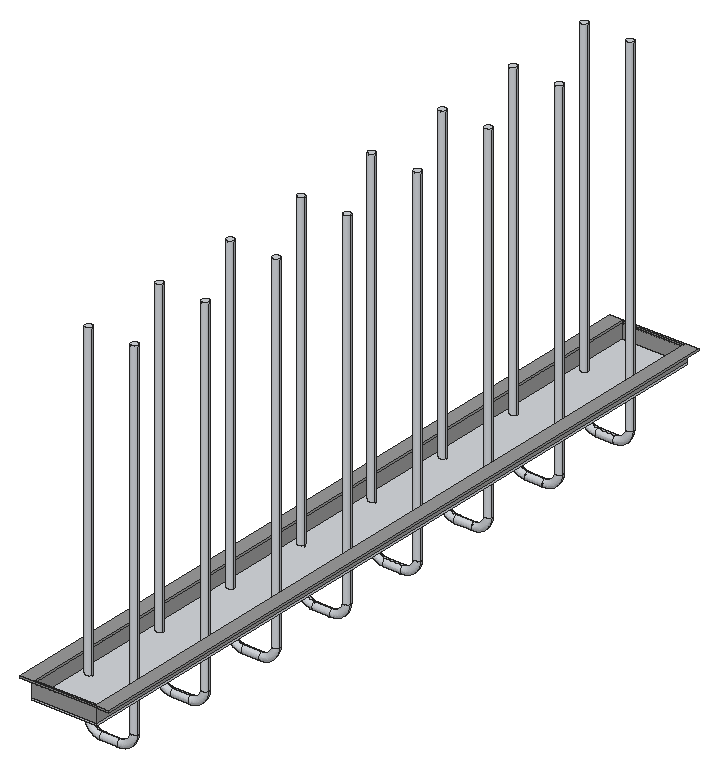
Revit family "Comax", category Structural Stiffeners, host Face, Revit 2018
Family settings
  Host = Face
  Cut with Voids When Loaded = Yes
  Shared = No
Parameters
  Ø = 12 mm
  Épaisseur_Acier = 3 mm  # constant formula
  w_aux = if(w < p, p + 30 mm, if(w = p, p + 30 mm, w))  # 150 mm
  w = 150 mm
  s_aux = (L - (e * #))  # 650 mm
  p = 110 mm
  lb_aux = lb + Hauteur_Acier  # 530 mm
  lb = 500 mm
  e = 150 mm
  b_aux = b - Hauteur_Acier - Ø / 2  # 84 mm
  b = 120 mm
  a = p - 20 mm  # 90 mm
  URL = "www.rduarte.com"
  L = 1250 mm
  Hauteur_Acier = 30 mm  # constant formula
  Default Elevation = 0 mm
  a_aux = a - Ø  # 78 mm
  #_acier_up = roundup(L / e)  # 9
  #_acier_Down = rounddown(L / e)  # 8
  # = if((#_acier_up) * e > L, (#_acier_Down), (#_acier_up)) / 2  # 4
Reference planes
  plane 1 "Center (Front/Back)": y = 0
  plane 2: z = 0
  plane 3 "Center (Left/Right)": x = 0
  plane 4 "Hauteur": z = -30
  plane 5 "b": z = -120
  plane 6 "lb": z = 500
  plane 7: y = -75
  plane 8: y = 75
  plane 9: y = -225
  plane 10: y = 225
Forms (mm)
  Extrusion 1, solid, material "Inox"
    sketch origin (0, 0, 0) x (1, 0, 0) y (0, 1, 0)
      loop
        line (-55, 625) -> (-55, -625) -> (55, -625) -> (55, 625) -> (-55, 625)
      loop
        line (-52, 622) -> (-52, -622) -> (52, -622) -> (52, 622) -> (-52, 622)
    from -3 to -27
  Extrusion 2, solid
    sketch origin (0, 0, 0) x (1, 0, 0) y (0, 1, 0)
      loop
        line (-55, 625) -> (-55, -625) -> (55, -625) -> (55, 625) -> (-55, 625)
    from -27 to -30
  Extrusion 3, solid, material "Inox"
    sketch origin (0, 0, -30) x (-1, 0, 0) y (0, -1, 0)
      loop
        line (75, -625) -> (75, 625) -> (-75, 625) -> (-75, -625) -> (75, -625)
      loop
        line (52, -622) -> (52, 622) -> (-52, 622) -> (-52, -622) -> (52, -622)
    from 27 to 30
  Extrusion 4, void
    sketch origin (0, 0, -30) x (-1, 0, 0) y (0, -1, 0)
      loop
        line (52, -622) -> (52, 622) -> (-52, 622) -> (-52, -622) -> (52, -622)
    from 3 to 30
Cuts and joins
  Extrusion 4 cuts Extrusion 1
  Extrusion 4 cuts Extrusion 2
  Extrusion 4 cuts Extrusion 3
Dimensions and locks
  "p": Extrusion 1 sketch curve to Extrusion 1 sketch curve
  equal spacing: Extrusion 1 sketch curve, plane 3 "Center (Left/Right)", Extrusion 1 sketch curve
  "L": Extrusion 1 sketch curve to Extrusion 1 sketch curve
  equal spacing: Extrusion 1 sketch curve, plane 1 "Center (Front/Back)", Extrusion 1 sketch curve
  "Épaisseur_Acier": Extrusion 1 sketch curve to Extrusion 1 sketch curve  (x4)
  "Hauteur_Acier": level to plane 4 "Hauteur"
  "Épaisseur_Acier": Extrusion 2 to Extrusion 2
  "b": host face to plane 5 "b"
  "lb": plane 6 "lb" to level
  "Épaisseur_Acier": level to Extrusion 3
  equal spacing: Extrusion 3 sketch curve, plane 3 "Center (Left/Right)", Extrusion 3 sketch curve
  "w_aux": Extrusion 3 sketch curve to Extrusion 3 sketch curve
  equal spacing: plane 8, plane 1 "Center (Front/Back)", plane 7
  "e": plane 8 to plane 7
  "e": plane 7 to plane 9
  equal spacing: group 1, group 2, group 5, group 7  (x2)
  equal spacing: group 7, group 5, group 2, group 1
  "e": plane 10 to plane 8
  equal spacing: group 3, group 4, group 6, group 8  (x3)
  aligned and locked: plane 2 to host face
  aligned and locked: level to host face
  aligned and locked: Extrusion 2 to Extrusion 1  (x4)
  aligned and locked: Extrusion 1 to Extrusion 2
  aligned and locked: Extrusion 2 to plane 4 "Hauteur"
  aligned and locked: Extrusion 1 to Extrusion 3
  aligned and locked: level to Extrusion 3
  aligned and locked: Extrusion 3 sketch curve to Extrusion 1  (x5)
  aligned and locked: Extrusion 1 to Extrusion 3 sketch curve
  aligned and locked: Extrusion 3 to Extrusion 4 sketch curve  (x2)
  aligned and locked: Extrusion 4 sketch curve to Extrusion 3  (x2)
  aligned and locked: level to Extrusion 4
  aligned and locked: Extrusion 1 to Extrusion 4
  aligned and locked: plane 7 to nested 1
  aligned and locked: plane 8 to nested 2
  aligned and locked: plane 9 to nested 3
  aligned and locked: plane 10 to nested 4
Automatic sketch dimensions
  host sketch curve to host sketch curve = 2438.4 mm  (x2)
  Extrusion 2 sketch curve to plane 3 "Center (Left/Right)" = 55 mm
  Extrusion 2 sketch curve to plane 1 "Center (Front/Back)" = 625 mm
  plane 3 "Center (Left/Right)" to Extrusion 2 sketch curve = 55 mm
  plane 1 "Center (Front/Back)" to Extrusion 2 sketch curve = 625 mm
Nested families
  nested 1: "Rebar" at (0, -75, -30) x (1, 0, 0) z (0, 0, -1), a <- "a_aux", lb <- "lb_aux", b <- "b_aux", Ø <- "Ø", type "Rebar"
    with Ørebar 24 mm, Ø 12 mm, lb 530 mm, b 84 mm, a 78 mm
  nested 2: "Rebar" at (0, 75, -30) x (1, 0, 0) z (0, 0, -1), a <- "a_aux", lb <- "lb_aux", b <- "b_aux", Ø <- "Ø", type "Rebar"
    with Ørebar 24 mm, Ø 12 mm, lb 530 mm, b 84 mm, a 78 mm
  nested 3: "Rebar" at (0, -225, -30) x (1, 0, 0) z (0, 0, -1), a <- "a_aux", lb <- "lb_aux", b <- "b_aux", Ø <- "Ø", type "Rebar"
    with Ørebar 24 mm, Ø 12 mm, lb 530 mm, b 84 mm, a 78 mm
  nested 4: "Rebar" at (0, 225, -30) x (1, 0, 0) z (0, 0, -1), a <- "a_aux", lb <- "lb_aux", b <- "b_aux", Ø <- "Ø", type "Rebar"
    with Ørebar 24 mm, Ø 12 mm, lb 530 mm, b 84 mm, a 78 mm
  nested 5: "Rebar" at (0, -375, -30) x (1, 0, 0) z (0, 0, -1), a <- "a_aux", lb <- "lb_aux", b <- "b_aux", Ø <- "Ø", type "Rebar"
    with Ørebar 24 mm, Ø 12 mm, lb 530 mm, b 84 mm, a 78 mm
  nested 6: "Rebar" at (0, 375, -30) x (1, 0, 0) z (0, 0, -1), a <- "a_aux", lb <- "lb_aux", b <- "b_aux", Ø <- "Ø", type "Rebar"
    with Ørebar 24 mm, Ø 12 mm, lb 530 mm, b 84 mm, a 78 mm
  nested 7: "Rebar" at (0, -525, -30) x (1, 0, 0) z (0, 0, -1), a <- "a_aux", lb <- "lb_aux", b <- "b_aux", Ø <- "Ø", type "Rebar"
    with Ørebar 24 mm, Ø 12 mm, lb 530 mm, b 84 mm, a 78 mm
  nested 8: "Rebar" at (0, 525, -30) x (1, 0, 0) z (0, 0, -1), a <- "a_aux", lb <- "lb_aux", b <- "b_aux", Ø <- "Ø", type "Rebar"
    with Ørebar 24 mm, Ø 12 mm, lb 530 mm, b 84 mm, a 78 mm
Definition of nested family "Rebar"
  Parameters (values of type "Rebar")
    Ørebar [instance] = if(Ø = 6 mm, 12 mm, if(Ø = 8 mm, 16 mm, if(Ø = 10 mm, 20 mm, if(Ø = 12 mm, 24 mm, if(Ø = 16 mm, 32 mm, if(Ø = 20 mm, 70 mm, if(Ø = 25 mm, 87 mm, if(Ø = 32 mm, 112 mm, if(Ø = 40 mm, 140 mm, if(Ø = 50 mm, 175 mm, 12 mm))))))))))  # 24 mm
    Ø [instance] = 12 mm
    lb [instance] = 120 mm
    b [instance] = 50 mm
    a [instance] = 50 mm
    Default Elevation = 1219.2 mm
  Reference planes
    plane 1 "Center (Front/Back)": y = 0
    plane 2: z = 0
    plane 3 "Center (Left/Right)": x = 0
  Forms (mm)
    Sweep 1, solid
      path origin (0, 0, 0) x (1, 0, 0) y (0, 0, 1)
        loop
          line (-25, -120) -> (-25, 26)
          arc (-25, 26) -> (-17.971, 42.971) -> (-1, 50) r 24
          line (-1, 50) -> (1, 50)
          arc (1, 50) -> (17.971, 42.971) -> (25, 26) r 24
          line (25, 26) -> (25, -120)
      profile origin (-25, 0, -47) x (-1, 0, 0) y (0, -1, 0)
        loop
          circle (0, 0) r 6
  Dimensions and locks
    "b": Sweep 1 sketch curve to level
    "lb": level to Sweep 1 sketch curve
    "a": Sweep 1 sketch curve to Sweep 1 sketch curve
    equal spacing: Sweep 1 sketch curve, plane 3 "Center (Left/Right)", Sweep 1 sketch curve
    "lb": plane 2 to Sweep 1 sketch curve
    "Ø": diameter of Sweep 1 sketch curve
    "Ørebar": radius of Sweep 1 sketch curve  (x2)
    aligned and locked: level to plane 2
  Automatic sketch dimensions
    plane 1 "Center (Front/Back)" to Sweep 1 sketch curve = 0 mm
    Sweep 1 sketch curve to profile plane = 0 mm
